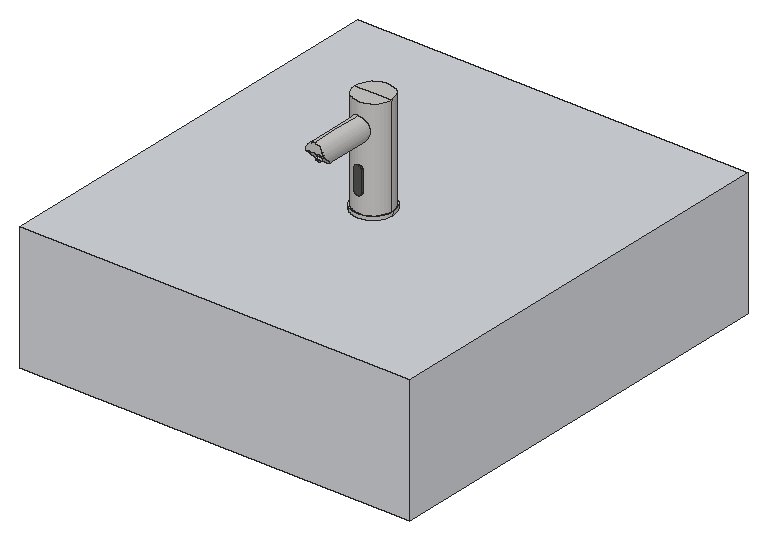
Revit family
Parameters (values of type "0391 n")
  Warranty Duration (Years) = 0
  Unit Width = 0' - 1 1/2"
  Unit Height = 0' - 4 3/16"
  URL = "http://www.americanspecialties.com/viewCategories.cfm"
  Fixture Material [instance] = Metal - Stainless Steel
  Test Data = ""
  Specification = "http://www.arcat.com/sdspecs/htm/10810asi.htm"
  SpecWizard = ""
  Send Message = "http://www.arcat.com/users.pl?action=UserEmail&company=American%20Specialties,%20Inc.&coid=30448&rep=139&fax=914-476-0688&mf="
  Sales Information = "http://www.americanspecialties.com/contact"
  Revision = "R1_2014-10"
  Product Properties = "http://www.americanspecialties.com/datasheets/1408041619_0391-(n)_TDS_V-8.14_EZFill-VASD-Single_Rev-C_DONE.pdf"
  Product Data = "http://www.arcat.com/arcatcos/cos30/arc30448.html"
  Model = "0391-(n)"
  Manufacturer Website = "http://www.americanspecialties.com/viewCategories.cfm"
  Manufacturer Phone - Toll Free = ""
  Manufacturer Phone = "914-476-9000 "
  Manufacturer Fax = "914-476-0688"
  Manufacturer Address = "441 Saw Mill River Rd., Yonkers, NY 10701"
  Manufacturer = "American Specialties, Inc."
  Maintenance Schedule (Months) = 0
  Keynote = "10 28 13"
  Installation-Fabrication = "http://www.americanspecialties.com/products.cfm"
  Green Building-LEED = ""
  Expected Lifespan (Years) = 0
  Drawn By = "Sumex Design, Inc. / Robert S. Weygant. CSI, CDT, SCIP"
  Description = "ASI Automatic Soap Dispenser System - 0391-n"
  Default Elevation = 0' - 0"
  Copyright = "©Arcat Inc."
  Construction Details = "http://www.arcat.com/green/clients/leed_data_30448.html"
  Building Codes = "http://www.americanspecialties.com/products.cfm"
  Assembly Code = "C1030210"
  Accent Finish [instance] = Plastic - Black
Types (2): name | Model | Description
  0391 n | "0391-(n)" | "ASI Automatic Soap Dispenser System - 0391-n"
  0390 n | "0390-(n)" | "ASI Automatic Soap Dispenser System - 0390-n"
Reference planes (in)
  plane 1 "Floor Line": z = 0
  plane 2 "Center (Left/Right)": x = 14.06032
  plane 3: y = -20.93904
Forms (in)
  Extrusion 1, solid
    sketch origin (-2.65843, -11.79112, -6) x (0, 0, -1) y (1, 0, 0)
      loop
        line (-0.85811, 24.60972) -> (-6, 24.60972) -> (-6, 8.71875) -> (-0.85811, 8.71875) -> (-0.85811, 24.60972)
    from -0.05345 to 17.14792
  Revolve 2, solid, material "Metal - Stainless Steel" <- "Fixture Material"
    sketch origin (-9.15843, -20.93904, 48) x (1, 0, 0) y (0, 0, 1)
      loop
        line (23.21875, -48) -> (24.03125, -48) -> (24.03125, -47.875) -> (23.96875, -47.875) -> (23.96875, -43.8125) -> (23.21875, -43.8125) -> (23.21875, -48)
      axis (23.21875, -43.8125) -> (23.21875, -48)
    angle from 0 to 360
  Extrusion 3, solid, material "Metal - Stainless Steel" <- "Fixture Material"
    sketch origin (0, -16.53279, 0) x (1, 0, 0) y (0, 0, 1)
      loop
        spline (14.06032, 2.6875) -> (14.15766, 2.70454) -> (14.24838, 2.75449) -> (14.32627, 2.83395) -> (14.38605, 2.9375) -> (14.42362, 3.05809) -> (14.43644, 3.1875) -> (14.42362, 3.31691) -> (14.38605, 3.4375) -> (14.32627, 3.54105) -> (14.24838, 3.62051) -> (14.15766, 3.67046) -> (14.06032, 3.6875)
        spline (14.06032, 3.6875) -> (13.96297, 3.67046) -> (13.87226, 3.62051) -> (13.79436, 3.54105) -> (13.73459, 3.4375) -> (13.69701, 3.31691) -> (13.6842, 3.1875) -> (13.69701, 3.05809) -> (13.73459, 2.9375) -> (13.79436, 2.83395) -> (13.87226, 2.75449) -> (13.96297, 2.70454) -> (14.06032, 2.6875)
    from 4.40625 to 7.40625
  Extrusion 4, void
    sketch origin (14.06032, 0, 0) x (0, 1, 0) y (0, 0, 1)
      loop
        line (-23.93904, 3.31326) -> (-23.93904, 2.60616) -> (-23.23193, 2.60616) -> (-23.93904, 3.31326)
    from -0.86624 to 0.85932
  Extrusion 5, solid, material "Metal - Stainless Steel" <- "Fixture Material"
    sketch origin (14.06032, -23.93904, 3.31326) x (0, 0.707107, -0.707107) y (1, 0, 0)
      loop
        circle (0.39815, 0.00076) r 0.10314
    from 0 to 0.12098
  Extrusion 6, solid, material "Plastic - Black" <- "Accent Finish"
    sketch origin (0, -16.53279, 0) x (1, 0, 0) y (0, 0, 1)
      loop
        line (13.90916, 1.76009) -> (13.90916, 0.94558)
        arc (13.90916, 0.94558) -> (14.06032, 0.79442) -> (14.21147, 0.94558) r 0.15116
        line (14.21147, 0.94558) -> (14.21147, 1.76009)
        arc (14.21147, 1.76009) -> (14.06032, 1.91124) -> (13.90916, 1.76009) r 0.15116
    from 4.40625 to 5.19165
Cuts and joins
  Extrusion 4 cuts Extrusion 3
  joined: Revolve 2, Extrusion 3
